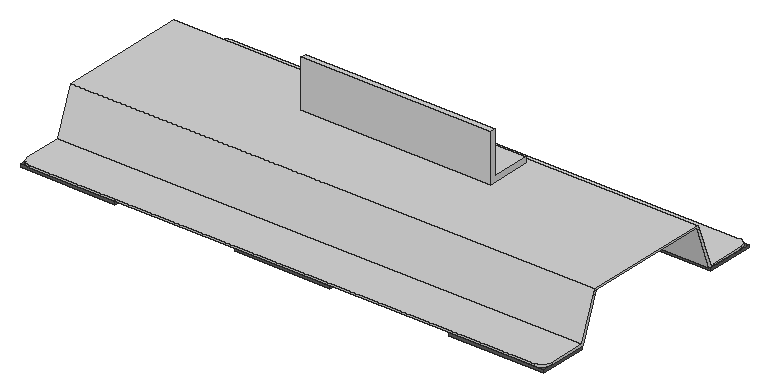
Revit family "Mount_RigidRail_Kattsafe_MetalDeck", category Specialty Equipment, Revit 2025
Family settings
  Round Connector Dimension = Use Diameter
  Part Type = Normal
  OmniClass Number = 23.27.71.21
  Work Plane-Based = No
  Enable Cutting in Views = No
  Always vertical = Yes
  Cut with Voids When Loaded = No
  Maintain Annotation Orientation = No
  Shared = No
  Room Calculation Point = No
Parameters (values of type "Horizontal Rail")
  Uniclass2015Version = "Products v1.23"
  Uniclass2015Title = "Brackets"
  Uniclass2015Code = "Pr_20_85_09"
  URL = "https://kattsafe.com.au/"
  UBracketAngle [instance] = 0.00°
  Type IFC Predefined Type = "USERDEFINED"
  Type Comments = "Deck Mount Bracket - Horizontal Rail"
  VerticalRailBracket = not(HorizontalRailBracket)  # no
  SafetyDisclaimer [instance] = "WARNING! The correct placement of access, fall protection and facade maintenance systems is critical to ensure it is fit-for-purpose and safe for the operator to use. Did you know Kattsafe® have a dedicated team of Height Safety System Design Specialists? Kattsafe® provide one-on-one consultation and system design assistance to ensure you are meeting the stringent requirements of height safety and to give you PEACE OF MIND with your project."  # constant formula
  ModifiedIssue = 20240430
  Model = "OH253"
  Material = Steel_Stainless_Kattsafe_Satin
  ManufacturerURLProductSpecific = "https://kattsafe.com.au/products/rigid-rails"
  ManufacturerSpecCode = Model  # "OH253"
  ManufacturerOverallWidth = 552 mm  # constant formula
  ManufacturerOverallHeight = if(HorizontalRailBracket, 100 mm, 134 mm)  # 100 mm
  ManufacturerOverallDepth = 269 mm  # constant formula
  ManufacturerHeightFromFFL [instance] = 0 mm
  Manufacturer = "Kattsafe®"  # constant formula
  IfcExportType = "USERDEFINED"
  IfcExportAs = "IfcBuildingElementProxy"
  HorizontalRailBracket = yes
  Export Type to IFC As = "IfcBuildingElementProxy"
  Description = "Rigid rails provide significant spanning capabilities, making them very versatile where there are limited support structures. The high strength aluminium construction, along with the unique t-bolt assembly makes it a very simple and easily adaptable system to install."  # constant formula
  Default Elevation = 0 mm
  CreatedByURL = "https://igsgroup.com.au"
  CreatedBy = "IGS BIM Solutions"  # constant formula
  Assembly Code = "E1090100"
Types (2, lengths in mm): name | Type Comments | VerticalRailBracket | ManufacturerOverallHeight | HorizontalRailBracket
  Horizontal Rail | "Deck Mount Bracket - Horizontal Rail" | no | 100 | yes
  Vertical Rail | "Deck Mount Bracket - Vertical Rail" | yes | 134 | no
Reference planes
  plane 1 "Center (Front/Back)": y = 0
  plane 2 "Ref. Level": z = 0
  plane 3 "Center (Left/Right)": x = 0
  plane 4 "TopSupport": z = 50
  plane 5 "Left": x = -276
  plane 6 "Right": x = 276
  plane 7 "Back": y = 134.5
  plane 8 "Front": y = -134.5
  plane 9 "BottomReference": z = 3
  plane 10 "BackOffset": y = 84.5
  plane 11 "FrontOffset": y = -84.5
  plane 12 "Top": z = 100
  plane 13 "Bottom": z = 0
Forms (mm)
  Extrusion 1, solid, material "Steel_Stainless_Kattsafe_Satin" <- "Material"
    sketch origin (0, -1.4, 3) x (0, -1, 0) y (0, 0, 1)
      loop
        line (-69.522, 47) -> (-85.9, 2) -> (-135.9, 2) -> (-135.9, 0) -> (-84.5, 0) -> (-68.121, 45) -> (65.321, 45) -> (81.699, 0) -> (133.1, 0) -> (133.1, 2) -> (83.1, 2) -> (66.721, 47) -> (-69.522, 47)
    from -276 to 276
  Extrusion 2, solid, material "Rubber_Kattsafe_Black"
    sketch origin (0, 0, 0) x (1, 0, 0) y (0, 1, 0)
      loop
        line (-276, 134.5) -> (-276, 84.5) -> (-176, 84.5) -> (-176, 134.5) -> (-276, 134.5)
      loop
        line (-50, 134.5) -> (-50, 84.5) -> (50, 84.5) -> (50, 134.5) -> (-50, 134.5)
      loop
        line (176, 134.5) -> (176, 84.5) -> (276, 84.5) -> (276, 134.5) -> (176, 134.5)
      loop
        line (-276, -84.5) -> (-276, -134.5) -> (-176, -134.5) -> (-176, -84.5) -> (-276, -84.5)
      loop
        line (-50, -84.5) -> (-50, -134.5) -> (50, -134.5) -> (50, -84.5) -> (-50, -84.5)
      loop
        line (176, -84.5) -> (176, -134.5) -> (276, -134.5) -> (276, -84.5) -> (176, -84.5)
    from 0 to 3
  Extrusion 3, void
    sketch origin (0, 0, 0) x (1, 0, 0) y (0, 1, 0)
      loop
        line (-266, 134.5) -> (-276, 134.5) -> (-276, 124.5)
        arc (-276, 124.5) -> (-273.071, 131.571) -> (-266, 134.5) r 10
      loop
        arc (266, 134.5) -> (273.071, 131.571) -> (276, 124.5) r 10
        line (276, 124.5) -> (276, 134.5) -> (266, 134.5)
      loop
        arc (-266, -134.5) -> (-273.071, -131.571) -> (-276, -124.5) r 10
        line (-276, -124.5) -> (-276, -134.5) -> (-266, -134.5)
      loop
        line (266, -134.5) -> (276, -134.5) -> (276, -124.5)
        arc (276, -124.5) -> (273.071, -131.571) -> (266, -134.5) r 10
    from 3 to 5
  Extrusion 4, solid, material "Steel_Stainless_Kattsafe_Satin" <- "Material", visible <- "HorizontalRailBracket"
    sketch origin (0, 10.29, 0) x (0, 1, 0) y (0, 0, 1)
      loop
        line (50.71, 50) -> (50.71, 56) -> (10.71, 56) -> (10.71, 100) -> (4.71, 100) -> (4.71, 50) -> (50.71, 50)
    from -100 to 100
Cuts and joins
  Extrusion 3 cuts Extrusion 1
  Extrusion 3 cuts Extrusion 2
Lines and regions (mm)
  Masking region 1
    outline origin (0, 0, 0) x (-1, 0, 0) y (0, -1, 0)
      loop
        arc (266, -134.5) -> (273.071, -131.571) -> (276, -124.5) r 10
        line (276, -124.5) -> (276, 124.5)
        arc (276, 124.5) -> (273.071, 131.571) -> (266, 134.5) r 10
        line (266, 134.5) -> (-266, 134.5)
        arc (-266, 134.5) -> (-273.071, 131.571) -> (-276, 124.5) r 10
        line (-276, 124.5) -> (-276, -124.5)
        arc (-276, -124.5) -> (-273.071, -131.571) -> (-266, -134.5) r 10
        line (-266, -134.5) -> (266, -134.5)
  symbolic lines, style "Fall Arrest Systems", detail levels medium+fine
    curve 1: line (-276, 84.5, 0) -> (276, 84.5, 0)
    curve 2: line (-276, 64.993, 0) -> (276, 64.993, 0)
    curve 3: line (-276, -64.993, 0) -> (276, -64.993, 0)
    curve 4: line (-276, -84.5, 0) -> (276, -84.5, 0)
  symbolic lines, style "Fall Arrest Systems", visible <- "HorizontalRailBracket", detail levels medium+fine
    curve 5: line (-100, 61, 0) -> (-100, 15, 0)
    curve 6: line (100, 61, 0) -> (-100, 61, 0)
    curve 7: line (100, 15, 0) -> (100, 61, 0)
    curve 8: line (-100, 15, 0) -> (100, 15, 0)
    curve 9: line (100, 21, 0) -> (-100, 21, 0)
  reference lines
    curve 10: line (0, 0, 0) -> (0, 30, 0)
    curve 11: line (0, 0, 0) -> (-10, 0, 0)
Text (mm)
  text "Disclaimer:\nDue to ongoing product development and manufacturing \nevolution, product details are subject to change without \nnotice. Please refer to product technical data sheets on \nthe manufacturers website for the most current product \ninformation. Please allow a +/- 5mm manufacturing \ntolerance for dimensions and set-outs shown in product \nliterature." at (359.963, -109.453, 0), in view "Ref. Level"
Dimensions and locks
  equal spacing: plane 5 "Left", plane 3 "Center (Left/Right)", plane 6 "Right"
  "ManufacturerOverallWidth": plane 5 "Left" to plane 6 "Right"
  equal spacing: plane 8 "Front", plane 1 "Center (Front/Back)", plane 7 "Back"
  "ManufacturerOverallDepth": plane 8 "Front" to plane 7 "Back"
  locked: Extrusion 1 sketch curve to Extrusion 1 sketch curve at 2  (x2)
  locked: plane 9 "BottomReference" to Extrusion 1 sketch curve at 2  (x2)
  locked: plane 4 "TopSupport" to Extrusion 1 sketch curve at 2
  locked: plane 5 "Left" to Extrusion 2 sketch curve at 100
  locked: Extrusion 2 sketch curve to plane 7 "Back" at 50
  Extrusion 2 sketch curve to plane 3 "Center (Left/Right)" to Extrusion 2 sketch curve = 50 mm locked, 50 mm locked
  locked: Extrusion 2 sketch curve to plane 6 "Right" at 100
  locked: plane 8 "Front" to Extrusion 2 sketch curve at 50
  locked: curve 3 to plane 1 "Center (Front/Back)" at 64.993
  locked: plane 1 "Center (Front/Back)" to curve 2 at 64.993
  locked: plane 7 "Back" to plane 10 "BackOffset" at 50
  locked: plane 8 "Front" to plane 11 "FrontOffset" at 50
  locked: plane 4 "TopSupport" to Extrusion 4 sketch curve at 6
  locked: Extrusion 4 sketch curve to Extrusion 4 sketch curve at 6
  plane 4 "TopSupport" to Extrusion 4 sketch curve = 50 mm
  locked: plane 9 "BottomReference" to plane 13 "Bottom" at 3
  "ManufacturerOverallHeight": plane 12 "Top" to plane 13 "Bottom"
  locked: plane 4 "TopSupport" to plane 13 "Bottom" at 50
  "ManufacturerHeightFromFFL": plane 13 "Bottom" to plane 2 "Ref. Level"
  locked: curve 11 to curve 11 at 10
  locked: curve 10 to curve 10 at 30
  radius of Masking region 1 sketch curve = 10 mm  (x4)
  locked: Extrusion 1 sketch curve to plane 10 "BackOffset" (angle 20.00°)  (x2)
  locked: plane 11 "FrontOffset" to Extrusion 1 sketch curve (angle 20.00°)  (x2)
  locked: curve 10 to curve 11 (angle 90.00°)
  "UBracketAngle": angle nested 1 to plane 3 "Center (Left/Right)"
  "UBracketAngle": angle curve 10 to plane 3 "Center (Left/Right)"
  aligned and locked: level to plane 2 "Ref. Level"
  aligned and locked: plane 5 "Left" to Extrusion 1
  aligned and locked: Extrusion 1 to plane 6 "Right"
  aligned and locked: plane 9 "BottomReference" to Extrusion 1
  aligned and locked: plane 4 "TopSupport" to Extrusion 1 sketch curve
  aligned and locked: plane 10 "BackOffset" to Extrusion 1 sketch curve
  aligned and locked: plane 11 "FrontOffset" to Extrusion 1 sketch curve
  aligned and locked: plane 6 "Right" to Masking region 1 sketch curve
  aligned and locked: plane 7 "Back" to Masking region 1 sketch curve
  aligned and locked: Masking region 1 sketch curve to plane 5 "Left"
  aligned and locked: Masking region 1 sketch curve to plane 8 "Front"
  aligned and locked: plane 7 "Back" to Extrusion 2 sketch curve  (x3)
  aligned and locked: Extrusion 2 sketch curve to plane 5 "Left"  (x2)
  aligned and locked: plane 6 "Right" to Extrusion 2 sketch curve  (x2)
  aligned and locked: Extrusion 2 sketch curve to Extrusion 2 sketch curve  (x8)
  aligned and locked: Extrusion 2 sketch curve to plane 8 "Front"  (x3)
  aligned and locked: Extrusion 2 to plane 9 "BottomReference"
  aligned and locked: plane 6 "Right" to curve 3
  aligned and locked: plane 6 "Right" to curve 4
  aligned and locked: plane 6 "Right" to curve 2
  aligned and locked: plane 6 "Right" to curve 1
  aligned and locked: plane 5 "Left" to curve 1
  aligned and locked: plane 5 "Left" to curve 2
  aligned and locked: plane 5 "Left" to curve 3
  aligned and locked: plane 5 "Left" to curve 4
  aligned and locked: curve 1 to plane 10 "BackOffset"
  aligned and locked: curve 4 to plane 11 "FrontOffset"
  aligned and locked: Extrusion 3 sketch curve to plane 7 "Back"
  aligned and locked: Extrusion 3 sketch curve to plane 5 "Left"
  aligned and locked: Extrusion 3 sketch curve to Masking region 1
  aligned and locked: plane 7 "Back" to Extrusion 3 sketch curve
  aligned and locked: Extrusion 3 sketch curve to plane 6 "Right"
  aligned and locked: Extrusion 3 sketch curve to plane 8 "Front"
  aligned and locked: plane 5 "Left" to Extrusion 3 sketch curve
  aligned and locked: plane 6 "Right" to Extrusion 3 sketch curve
  aligned and locked: plane 8 "Front" to Extrusion 3 sketch curve
  aligned and locked: Extrusion 3 to Extrusion 1  (x2)
  aligned and locked: curve 5 to Extrusion 4
  aligned and locked: curve 6 to Extrusion 4
  aligned and locked: curve 7 to Extrusion 4
  aligned and locked: curve 8 to Extrusion 4
  aligned and locked: curve 9 to Extrusion 4
  aligned and locked: Extrusion 2 to plane 13 "Bottom"
  aligned and locked: plane 1 "Center (Front/Back)" to curve 11
  aligned and locked: plane 3 "Center (Left/Right)" to curve 10
  aligned and locked: nested 1 to curve 10
  aligned and locked: nested 1 to curve 11
  aligned and locked: nested 1 to plane 4 "TopSupport"
Automatic sketch dimensions
  plane 7 "Back" to Extrusion 1 sketch curve = 0 mm
  plane 9 "BottomReference" to Extrusion 1 sketch curve = 0 mm  (x2)
  plane 8 "Front" to Extrusion 1 sketch curve = 0 mm
  Extrusion 3 sketch curve to plane 5 "Left" = 0 mm
  plane 8 "Front" to Extrusion 3 sketch curve = 0 mm  (x2)
  plane 7 "Back" to Extrusion 3 sketch curve = 0 mm
  Extrusion 3 sketch curve to plane 6 "Right" = 0 mm  (x2)
  Extrusion 3 sketch curve to Extrusion 3 sketch curve = 10 mm  (x2)
  plane 6 "Right" to Extrusion 3 sketch curve = 10 mm
  Extrusion 3 sketch curve to Extrusion 3 sketch curve = 0 mm  (x8)
  plane 4 "TopSupport" to Extrusion 4 sketch curve = 0 mm
  Extrusion 4 sketch curve to plane 1 "Center (Front/Back)" = 15 mm
  Extrusion 4 sketch curve to plane 10 "BackOffset" = 23.5 mm
Nested families
  nested 1: "z_Kattsafe_UBracket_Adjustable" at (0, 0, 50) x (0, -1, 0) z (0, 0, 1), visible <- "VerticalRailBracket", type "Type 1"
Definition of nested family "z_Kattsafe_UBracket_Adjustable"
  Parameters (values of type "Type 1")
    URL = "https://kattsafe.com.au/"
    Material = none
    Manufacturer = "Kattsafe®"
    Default Elevation = 0 mm
  Reference planes
    plane 1 "Center (Front/Back)": y = 0
    plane 2: z = 0
    plane 3 "Center (Left/Right)": x = 0
  Forms (mm)
    Extrusion 1, solid, material <- "Material"
      sketch origin (0, 0, 39) x (-1, 0, 0) y (0, 0, -1)
        loop
          line (-35, -45) -> (-30, -45) -> (-30, 29)
          arc (-30, 29) -> (-28.536, 32.536) -> (-25, 34) r 5
          line (-25, 34) -> (25, 34)
          arc (25, 34) -> (28.536, 32.536) -> (30, 29) r 5
          line (30, 29) -> (30, -45) -> (35, -45) -> (35, 29)
          arc (35, 29) -> (32.071, 36.071) -> (25, 39) r 10
          line (25, 39) -> (-25, 39)
          arc (-25, 39) -> (-32.071, 36.071) -> (-35, 29) r 10
          line (-35, 29) -> (-35, -45)
      from 25 to -25
  Lines and regions (mm)
    Masking region 1
      outline origin (0, 0, 0) x (1, 0, 0) y (0, 1, 0)
        loop
          line (-35, 25) -> (-35, -25) -> (-30, -25) -> (-30, 25) -> (-35, 25)
        loop
          line (30, 25) -> (30, -25) -> (35, -25) -> (35, 25) -> (30, 25)
  Dimensions and locks
    Extrusion 1 sketch curve to Extrusion 1 sketch curve = 70 mm
    locked: Extrusion 1 sketch curve to Extrusion 1 sketch curve at 5  (x2)
    radius of Extrusion 1 sketch curve = 10 mm  (x2)
    radius of Extrusion 1 sketch curve = 5 mm  (x2)
    aligned and locked: level to plane 2
    aligned and locked: Masking region 1 sketch curve to Extrusion 1  (x8)
